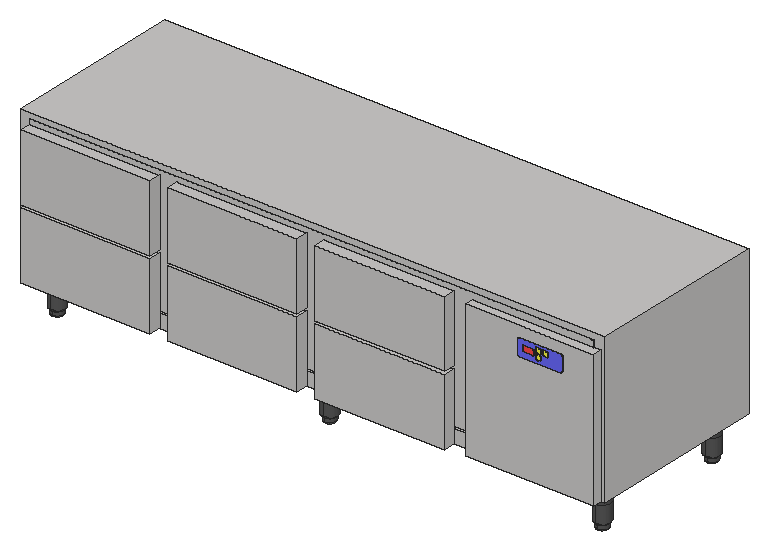
Revit family "QF_CAPIC_AVEN_W543117", category Equipement spécialisé, Revit 2018
Family settings
  Cote de connecteur circulaire = Utiliser le diamètre
  Type d'élément = Normal
  Numéro OmniClass = 23.40.40.14
  Titre OmniClass = Food Service Equipment
  Basée sur le plan de construction = Non
  Toujours verticalement = Oui
  Couper avec des vides une fois chargée = Non
  Partagée = Non
  Point de calcul de pièce = Non
Parameters (values of type "2000 mm")
  URL catalogue = "http://www.capic-fr.com/fr/"
  Type de Raccord Plomberie [instance] = ""
  Type de Raccord Electrique [instance] = "Bornier interne"
  Type de Gaz = ""
  Type article [instance] = ""
  Tension = 230 V
  Spécification du Fabricant = ""
  Show Logo = yes
  Remarques evacuation [instance] = ""
  Remarques Plomberie [instance] = ""
  Remarques Electricité [instance] = "230Vx1 +T"
  Puissance électrique  = 860 W
  Puissance Gaz kW = 0
  Profondeur hors tout = 648 mm
  Pression Maximum Eau Adoucie = 0.0 Pa
  Poids net à vide = 126.00 kg
  Phase = 0
  Modèle = "W543117"
  Longueur hors tout = 2000 mm
  Intensité nominale = 0 A
  Hauteur hors tout = 638 mm
  Hauteur de Raccordement du Sol Finis = 0 mm
  Hauteur de Raccordement Gaz du Sol Finis = 0 mm
  Hauteur de Raccordement Evacuation Directe du Sol Finis = 0 mm
  Hauteur de Raccordement Eau Froide du Sol Finis = 0 mm
  Hauteur de Raccordement Eau Chaude du Sol Finis = 0 mm
  Hauteur de Raccordement Eau Adoucie du Sol Finis = 0 mm
  Fréquence = 50 Hz
  Fabricant = "CAPIC"
  Débit d'air d'extraction = 0.0 m³/h
  Débit Gaz = 0.0 L/s
  Débit Eau Froide = 0.0 L/s
  Débit Eau Chaude = 0.0 L/s
  Débit Eau Adoucie = 0.0 L/s
  Diamètre de Raccordement Gaz = 0 mm
  Diamètre de Raccordement Evacuation = 0 mm
  Diamètre de Raccordement Eau Froide = 0 mm
  Diamètre de Raccordement Eau Chaude = 0 mm
  Diamètre de Raccordement Eau Adoucie = 0 mm
  Description = "6 tiroirs refrigérés"
  Assembly Code = ""
  Classification  Omniclass nombre et titre = "23.40.40.14"
Reference planes
  plane 1 "Centre (avant/arrière)": y = 0
  plane 2: z = 0
  plane 3 "Centre (gauche/droite)": x = 0
  plane 4: x = 2000
  plane 5: y = -662
  plane 6: y = -45
  plane 7: x = 25
  plane 8: x = 1975
  plane 9: y = -69
  plane 10: y = -539
  plane 11: x = 35
  plane 12: x = 1965
Forms (mm)
  Extrusion 1, solid, material "QF_Stainless Steel-Brushed"
    sketch origin (0, 0, 0) x (1, 0, 0) y (0, 1, 0)
      loop
        line (0, -45) -> (0, -662) -> (2000, -662) -> (2000, -45) -> (0, -45)
    from 130 to 638
  Extrusion 2, void
    sketch origin (0, 0, 0) x (1, 0, 0) y (0, 1, 0)
      loop
        line (35, -69) -> (35, -662) -> (1965, -662) -> (1965, -69) -> (35, -69)
    from 175 to 608
  Extrusion 3, solid, material "QF_Stainless Steel-Brushed", not visible
    sketch origin (0, 0, 0) x (1, 0, 0) y (0, 1, 0)
      loop
        line (35, -69) -> (35, -662) -> (1965, -662) -> (1965, -69) -> (35, -69)
    from 370 to 400
  Extrusion 4, solid, material "QF_Stainless Steel-Brushed"
    sketch origin (1480, -663, 10) x (1, 0, 0) y (0, 0, 1)
      loop
        line (-1450, 608) -> (-1450, 175) -> (485, 175) -> (485, 608) -> (-1450, 608)
    from 0 to -1
  Extrusion 5, solid, material "QF_Stainless Steel-Brushed"
    sketch origin (1480, -663, 10) x (1, 0, 0) y (0, 0, 1)
      loop
        line (70, 585) -> (70, 120) -> (510, 120) -> (510, 585) -> (70, 585)
    from 0 to 30
  Extrusion 6, solid, material "QF_Stainless Steel-Brushed"
    sketch origin (1415.16, -663, 29.9) x (1, 0, 0) y (0, 0, 1)
      loop
        line (-1385.66, 570.1) -> (-1385.66, 340.1) -> (-940.66, 340.1) -> (-940.66, 570.1) -> (-1385.66, 570.1)
    from 0 to 40
  Extrusion 7, solid, material "QF_Stainless Steel-Brushed"
    sketch origin (1415.16, -663, -210.1) x (1, 0, 0) y (0, 0, 1)
      loop
        line (-1385.66, 570.1) -> (-1385.66, 340.1) -> (-940.66, 340.1) -> (-940.66, 570.1) -> (-1385.66, 570.1)
    from 0 to 40
  Extrusion 8, solid, material "QF_Stainless Steel-Brushed"
    sketch origin (1920.16, -663, 29.9) x (1, 0, 0) y (0, 0, 1)
      loop
        line (-1385.66, 570.1) -> (-1385.66, 340.1) -> (-940.66, 340.1) -> (-940.66, 570.1) -> (-1385.66, 570.1)
    from 0 to 40
  Extrusion 9, solid, material "QF_Stainless Steel-Brushed"
    sketch origin (1920.16, -663, -210.1) x (1, 0, 0) y (0, 0, 1)
      loop
        line (-1385.66, 570.1) -> (-1385.66, 340.1) -> (-940.66, 340.1) -> (-940.66, 570.1) -> (-1385.66, 570.1)
    from 0 to 40
  Extrusion 10, solid, material "QF_Stainless Steel-Brushed"
    sketch origin (2425.16, -663, 29.9) x (1, 0, 0) y (0, 0, 1)
      loop
        line (-1385.66, 570.1) -> (-1385.66, 340.1) -> (-940.66, 340.1) -> (-940.66, 570.1) -> (-1385.66, 570.1)
    from 0 to 40
  Extrusion 11, solid, material "QF_Stainless Steel-Brushed"
    sketch origin (2425.16, -663, -210.1) x (1, 0, 0) y (0, 0, 1)
      loop
        line (-1385.66, 570.1) -> (-1385.66, 340.1) -> (-940.66, 340.1) -> (-940.66, 570.1) -> (-1385.66, 570.1)
    from 0 to 40
Cuts and joins
  Extrusion 2 cuts Extrusion 1
Lines and regions (mm)
  model lines
    curve 1: line (197, -703, 580) -> (307, -703, 580)
    curve 2: line (197, -703, 525) -> (197, -703, 580)
    curve 3: line (307, -703, 525) -> (197, -703, 525)
    curve 4: line (307, -703, 580) -> (307, -703, 525)
    curve 5: line (300, -703, 573) -> (204, -703, 573)
    curve 6: line (204, -703, 573) -> (204, -703, 532)
    curve 7: line (300, -703, 532) -> (300, -703, 573)
    curve 8: line (204, -703, 532) -> (300, -703, 532)
    curve 9: line (197, -703, 340) -> (307, -703, 340)
    curve 10: line (197, -703, 285) -> (197, -703, 340)
    curve 11: line (307, -703, 285) -> (197, -703, 285)
    curve 12: line (307, -703, 340) -> (307, -703, 285)
    curve 13: line (300, -703, 333) -> (204, -703, 333)
    curve 14: line (204, -703, 333) -> (204, -703, 292)
    curve 15: line (300, -703, 292) -> (300, -703, 333)
    curve 16: line (204, -703, 292) -> (300, -703, 292)
    curve 17: line (1570, -693, 371.312) -> (1970, -693, 371.312)
    curve 18: line (1570, -693, 150) -> (1570, -693, 371.312)
    curve 19: line (1970, -693, 150) -> (1570, -693, 150)
    curve 20: line (1970, -693, 371.312) -> (1970, -693, 150)
    curve 21: line (1570, -693, 356.312) -> (1970, -693, 356.312)
    curve 22: line (1570, -693, 341.312) -> (1970, -693, 341.312)
    curve 23: line (1570, -693, 326.312) -> (1970, -693, 326.312)
    curve 24: line (1570, -693, 311.312) -> (1970, -693, 311.312)
    curve 25: line (1570, -693, 296.312) -> (1970, -693, 296.312)
    curve 26: line (1570, -693, 281.312) -> (1970, -693, 281.312)
    curve 27: line (1570, -693, 266.312) -> (1970, -693, 266.312)
    curve 28: line (1570, -693, 251.312) -> (1970, -693, 251.312)
    curve 29: line (1570, -693, 236.312) -> (1970, -693, 236.312)
    curve 30: line (1570, -693, 221.312) -> (1970, -693, 221.312)
    curve 31: line (1570, -693, 206.312) -> (1970, -693, 206.312)
    curve 32: line (1570, -693, 191.312) -> (1970, -693, 191.312)
    curve 33: line (1570, -693, 176.312) -> (1970, -693, 176.312)
    curve 34: line (1570, -693, 161.312) -> (1970, -693, 161.312)
    curve 35: line (702, -703, 580) -> (812, -703, 580)
    curve 36: line (702, -703, 525) -> (702, -703, 580)
    curve 37: line (812, -703, 525) -> (702, -703, 525)
    curve 38: line (812, -703, 580) -> (812, -703, 525)
    curve 39: line (805, -703, 573) -> (709, -703, 573)
    curve 40: line (709, -703, 573) -> (709, -703, 532)
    curve 41: line (805, -703, 532) -> (805, -703, 573)
    curve 42: line (709, -703, 532) -> (805, -703, 532)
    curve 43: line (702, -703, 340) -> (812, -703, 340)
    curve 44: line (702, -703, 285) -> (702, -703, 340)
    curve 45: line (812, -703, 285) -> (702, -703, 285)
    curve 46: line (812, -703, 340) -> (812, -703, 285)
    curve 47: line (805, -703, 333) -> (709, -703, 333)
    curve 48: line (709, -703, 333) -> (709, -703, 292)
    curve 49: line (805, -703, 292) -> (805, -703, 333)
    curve 50: line (709, -703, 292) -> (805, -703, 292)
    curve 51: line (1207, -703, 580) -> (1317, -703, 580)
    curve 52: line (1207, -703, 525) -> (1207, -703, 580)
    curve 53: line (1317, -703, 525) -> (1207, -703, 525)
    curve 54: line (1317, -703, 580) -> (1317, -703, 525)
    curve 55: line (1310, -703, 573) -> (1214, -703, 573)
    curve 56: line (1214, -703, 573) -> (1214, -703, 532)
    curve 57: line (1310, -703, 532) -> (1310, -703, 573)
    curve 58: line (1214, -703, 532) -> (1310, -703, 532)
    curve 59: line (1207, -703, 340) -> (1317, -703, 340)
    curve 60: line (1207, -703, 285) -> (1207, -703, 340)
    curve 61: line (1317, -703, 285) -> (1207, -703, 285)
    curve 62: line (1317, -703, 340) -> (1317, -703, 285)
    curve 63: line (1310, -703, 333) -> (1214, -703, 333)
    curve 64: line (1214, -703, 333) -> (1214, -703, 292)
    curve 65: line (1310, -703, 292) -> (1310, -703, 333)
    curve 66: line (1214, -703, 292) -> (1310, -703, 292)
Dimensions and locks
  "Longueur hors tout": plane 3 "Centre (gauche/droite)" to plane 4
  plane 5 to plane 6 to plane 1 "Centre (avant/arrière)" = 617 mm locked, 45 mm locked
  plane 6 to plane 9 to plane 10 = 24 mm locked, 470 mm locked
  locked: plane 3 "Centre (gauche/droite)" to plane 7 at 25
  locked: plane 8 to plane 4 at 25
  locked: plane 3 "Centre (gauche/droite)" to plane 11 at 35
  locked: plane 12 to plane 4 at 35
  aligned and locked: level to plane 2
  aligned and locked: plane 9 to nested 1
  aligned and locked: nested 1 to plane 7
  aligned and locked: plane 10 to nested 2
  aligned and locked: nested 2 to plane 7
  aligned and locked: plane 8 to nested 3
  aligned and locked: nested 3 to plane 9
  aligned and locked: plane 8 to nested 4
  aligned and locked: nested 4 to plane 10
  aligned and locked: Extrusion 2 sketch curve to plane 9
  aligned and locked: plane 11 to Extrusion 2 sketch curve
  aligned and locked: plane 5 to Extrusion 2 sketch curve
  aligned and locked: Extrusion 2 sketch curve to plane 12
Automatic sketch dimensions
  Extrusion 1 sketch curve to plane 3 "Centre (gauche/droite)" = 0 mm
  Extrusion 1 sketch curve to plane 4 = 0 mm
  Extrusion 1 sketch curve to plane 5 = 0 mm
  Extrusion 1 sketch curve to plane 6 = 0 mm
  Extrusion 3 sketch curve to plane 5 = 0 mm
  Extrusion 3 sketch curve to plane 11 = 0 mm
  Extrusion 3 sketch curve to plane 12 = 0 mm
  Extrusion 3 sketch curve to plane 9 = 0 mm
  Extrusion 4 sketch curve to plane 11 = 5 mm
  Extrusion 4 sketch curve to plane 12 = 0 mm
  level to Extrusion 4 sketch curve = 185 mm
  Extrusion 4 sketch curve to Extrusion 4 sketch curve = 433 mm
  plane 7 to Extrusion 6 sketch curve = 4.5 mm
  plane 11 to Extrusion 6 sketch curve = 439.5 mm
  level to Extrusion 6 sketch curve = 370 mm
  Extrusion 6 sketch curve to Extrusion 6 sketch curve = 230 mm
  curve 1 to Extrusion 6 = 20 mm
  curve 1 to Extrusion 6 = 167.5 mm
  curve 2 to curve 8 = 7 mm
  curve 5 to Extrusion 6 = 27 mm
  curve 5 to curve 5 = 96 mm
  curve 7 to curve 3 = 7 mm
  curve 6 to curve 5 = 41 mm
  curve 3 to curve 6 = 7 mm
  plane 7 to Extrusion 7 sketch curve = 4.5 mm
  level to Extrusion 7 sketch curve = 130 mm
  plane 11 to Extrusion 7 sketch curve = 439.5 mm
  Extrusion 7 sketch curve to Extrusion 7 sketch curve = 230 mm
  curve 9 to Extrusion 7 = 20 mm
  curve 9 to Extrusion 7 = 167.5 mm
  curve 10 to curve 16 = 7 mm
  curve 13 to Extrusion 7 = 27 mm
  curve 13 to curve 13 = 96 mm
  curve 15 to curve 11 = 7 mm
  curve 14 to curve 13 = 41 mm
  curve 11 to curve 14 = 7 mm
  curve 17 to Extrusion 5 = 20 mm
  curve 20 to Extrusion 5 = 20 mm
  curve 19 to Extrusion 5 = 20 mm
  curve 18 to curve 18 = 221.312 mm
  curve 18 to curve 34 = 11.312 mm
  curve 34 to curve 33 = 15 mm
  curve 33 to curve 32 = 15 mm
  curve 32 to curve 31 = 15 mm
  curve 31 to curve 30 = 15 mm
  curve 30 to curve 29 = 15 mm
  curve 29 to curve 28 = 15 mm
  curve 28 to curve 27 = 15 mm
  curve 27 to curve 26 = 15 mm
  curve 26 to curve 25 = 15 mm
  curve 25 to curve 24 = 15 mm
  curve 24 to curve 23 = 15 mm
  curve 23 to curve 22 = 15 mm
  curve 21 to curve 17 = 15 mm
  plane 11 to Extrusion 8 sketch curve = 499.5 mm
  Extrusion 8 sketch curve to Extrusion 8 sketch curve = 445 mm
  level to Extrusion 8 sketch curve = 370 mm
  Extrusion 8 sketch curve to Extrusion 8 sketch curve = 230 mm
  curve 35 to Extrusion 8 = 20 mm
  curve 35 to Extrusion 8 = 167.5 mm
  curve 36 to curve 42 = 7 mm
  curve 39 to Extrusion 8 = 27 mm
  curve 39 to curve 39 = 96 mm
  curve 41 to curve 37 = 7 mm
  curve 40 to curve 39 = 41 mm
  curve 37 to curve 40 = 7 mm
  level to Extrusion 9 sketch curve = 130 mm
  plane 11 to Extrusion 9 sketch curve = 499.5 mm
  Extrusion 9 sketch curve to Extrusion 9 sketch curve = 445 mm
  Extrusion 9 sketch curve to Extrusion 9 sketch curve = 230 mm
  curve 43 to Extrusion 9 = 20 mm
  curve 43 to Extrusion 9 = 167.5 mm
  curve 44 to curve 50 = 7 mm
  curve 47 to Extrusion 9 = 27 mm
  curve 47 to curve 47 = 96 mm
  curve 49 to curve 45 = 7 mm
  curve 48 to curve 47 = 41 mm
  curve 45 to curve 48 = 7 mm
  level to Extrusion 10 sketch curve = 370 mm
  Extrusion 10 sketch curve to plane 12 = 925.5 mm
  Extrusion 10 sketch curve to Extrusion 10 sketch curve = 445 mm
  Extrusion 10 sketch curve to Extrusion 10 sketch curve = 230 mm
  curve 51 to Extrusion 10 = 20 mm
  curve 51 to Extrusion 10 = 167.5 mm
  curve 52 to curve 58 = 7 mm
  curve 55 to Extrusion 10 = 27 mm
  curve 55 to curve 55 = 96 mm
  curve 57 to curve 53 = 7 mm
  curve 56 to curve 55 = 41 mm
  curve 53 to curve 56 = 7 mm
  level to Extrusion 11 sketch curve = 130 mm
  Extrusion 11 sketch curve to plane 12 = 925.5 mm
  Extrusion 11 sketch curve to Extrusion 11 sketch curve = 445 mm
  Extrusion 11 sketch curve to Extrusion 11 sketch curve = 230 mm
  curve 59 to Extrusion 11 = 20 mm
  curve 59 to Extrusion 11 = 167.5 mm
  curve 60 to curve 66 = 7 mm
  curve 63 to Extrusion 11 = 27 mm
  curve 63 to curve 63 = 96 mm
  curve 65 to curve 61 = 7 mm
  curve 64 to curve 63 = 41 mm
  curve 61 to curve 64 = 7 mm
  level to Extrusion 5 sketch curve = 130 mm
  Extrusion 5 sketch curve to plane 12 = 415 mm
  Extrusion 5 sketch curve to plane 4 = 10 mm
  Extrusion 5 sketch curve to Extrusion 5 sketch curve = 465 mm
Nested families
  nested 1: "QF_Details_Pied" at (13.5, -119, 0) x (0, -1, 0) z (0, 0, 1), type "QF_Details_Pied"
  nested 2: "QF_Details_Pied" at (13.5, -589, 0) x (0, -1, 0) z (0, 0, 1), type "QF_Details_Pied"
  nested 3: "QF_Details_Pied" at (1883.5, -119, 0) x (0, -1, 0) z (0, 0, 1), type "QF_Details_Pied"
  nested 4: "QF_Details_Pied" at (1883.5, -589, 0) x (0, -1, 0) z (0, 0, 1), type "QF_Details_Pied"
  nested 5: "QF_Details_Pied" at (948.5, -119, 0) x (0, -1, 0) z (0, 0, 1), type "QF_Details_Pied"
  nested 6: "QF_Details_Pied" at (948.5, -589, 0) x (0, -1, 0) z (0, 0, 1), type "QF_Details_Pied"
  nested 7: "QF_Details_CarteCde-Face" at (1805, -693, 528) x (1, 0, 0) z (0, -1, 0), type "QF_Details_CarteCde-Face"
Definition of nested family "QF_Details_Pied"
  Reference planes
    plane 1 "Centre (avant/arrière)": y = 0
    plane 2: z = 0
    plane 3 "Centre (gauche/droite)": x = 0
  Forms (mm)
    Extrusion 1, solid
      sketch origin (-137.492, 51.5, -340.756) x (1, 0, 0) y (0, 0, 1)
        loop
          line (87.492, 481.756) -> (87.492, 472.756) -> (187.492, 472.756) -> (187.492, 481.756) -> (87.492, 481.756)
      from -40 to 40
    Revolve 2, solid
      sketch origin (0, 51.5, -9) x (1, 0, 0) y (0, 0, 1)
        loop
          line (0, 141) -> (0, 9) -> (19.21, 9) -> (19.21, 13) -> (20.21, 13) -> (20.21, 26) -> (21.71, 26) -> (26.66, 30.95) -> (26.66, 90.95) -> (31.468, 136.698) -> (36.246, 141) -> (0, 141)
        axis (0, 141) -> (0, 9)
      angle from 0 to 360
  Dimensions and locks
    aligned and locked: level to plane 2
    aligned and locked: Extrusion 1 to Revolve 2 sketch curve
Definition of nested family "QF_Details_CarteCde-Face"
  Parameters (values of type "QF_Details_CarteCde-Face")
    Default Elevation = 1219.2 mm
  Reference planes
    plane 1 "Centre (avant/arrière)": y = 0
    plane 2: z = 0
    plane 3 "Centre (gauche/droite)": x = 0
  Forms (mm)
    Extrusion 1, solid
      sketch origin (0, 0, 0) x (1, 0, 0) y (0, 1, 0)
        loop
          line (-1219.2, 1219.2) -> (-1219.2, -1219.2) -> (1219.2, -1219.2) -> (1219.2, 1219.2) -> (-1219.2, 1219.2)
      from 0 to -304.8
    Extrusion 2, solid
      sketch origin (-76, -757.888, 0) x (1, 0, 0) y (0, 1, 0)
        loop
          arc (7, 787.388) -> (2.05, 785.338) -> (0, 780.388) r 7
          line (0, 780.388) -> (0, 735.388)
          arc (0, 735.388) -> (2.05, 730.439) -> (7, 728.388) r 7
          line (7, 728.388) -> (145, 728.388)
          arc (145, 728.388) -> (149.95, 730.439) -> (152, 735.388) r 7
          line (152, 735.388) -> (152, 780.388)
          arc (152, 780.388) -> (149.95, 785.338) -> (145, 787.388) r 7
          line (145, 787.388) -> (7, 787.388)
        loop
          line (15, 767.388) -> (15, 748.388) -> (54, 748.388) -> (54, 767.388) -> (15, 767.388)
        loop
          line (74, 776.917) -> (61, 776.917) -> (61, 763.917)
          arc (61, 763.917) -> (62.172, 761.089) -> (65, 759.917) r 4
          line (65, 759.917) -> (78, 759.917) -> (78, 772.917)
          arc (78, 772.917) -> (76.828, 775.745) -> (74, 776.917) r 4
        loop
          line (99, 776.917) -> (86, 776.917) -> (86, 763.917)
          arc (86, 763.917) -> (87.172, 761.089) -> (90, 759.917) r 4
          line (90, 759.917) -> (103, 759.917) -> (103, 772.917)
          arc (103, 772.917) -> (101.828, 775.745) -> (99, 776.917) r 4
        loop
          line (74, 756.917) -> (61, 756.917) -> (61, 743.917)
          arc (61, 743.917) -> (62.172, 741.089) -> (65, 739.917) r 4
          line (65, 739.917) -> (78, 739.917) -> (78, 752.917)
          arc (78, 752.917) -> (76.828, 755.745) -> (74, 756.917) r 4
      from 0 to 0.5
    Extrusion 3, solid
      sketch origin (-76, -744.891, 0) x (1, 0, 0) y (0, 1, 0)
        loop
          line (15, 754.391) -> (15, 735.391) -> (54, 735.391) -> (54, 754.391) -> (15, 754.391)
      from 0 to 0.5
    Extrusion 4, solid
      sketch origin (-76, -744.891, 0) x (1, 0, 0) y (0, 1, 0)
        loop
          line (61, 763.919) -> (61, 750.919)
          arc (61, 750.919) -> (62.172, 748.091) -> (65, 746.919) r 4
          line (65, 746.919) -> (78, 746.919) -> (78, 759.919)
          arc (78, 759.919) -> (76.828, 762.748) -> (74, 763.919) r 4
          line (74, 763.919) -> (61, 763.919)
      from 0 to 0.5
    Extrusion 5, solid
      sketch origin (-76, -764.891, 0) x (1, 0, 0) y (0, 1, 0)
        loop
          line (61, 763.919) -> (61, 750.919)
          arc (61, 750.919) -> (62.172, 748.091) -> (65, 746.919) r 4
          line (65, 746.919) -> (78, 746.919) -> (78, 759.919)
          arc (78, 759.919) -> (76.828, 762.748) -> (74, 763.919) r 4
          line (74, 763.919) -> (61, 763.919)
      from 0 to 0.5
    Extrusion 6, solid
      sketch origin (-51, -744.891, 0) x (1, 0, 0) y (0, 1, 0)
        loop
          line (61, 763.919) -> (61, 750.919)
          arc (61, 750.919) -> (62.172, 748.091) -> (65, 746.919) r 4
          line (65, 746.919) -> (78, 746.919) -> (78, 759.919)
          arc (78, 759.919) -> (76.828, 762.748) -> (74, 763.919) r 4
          line (74, 763.919) -> (61, 763.919)
      from 0 to 0.5
  Dimensions and locks
    aligned and locked: plane 2 to Extrusion 1
    aligned and locked: level to Extrusion 1
